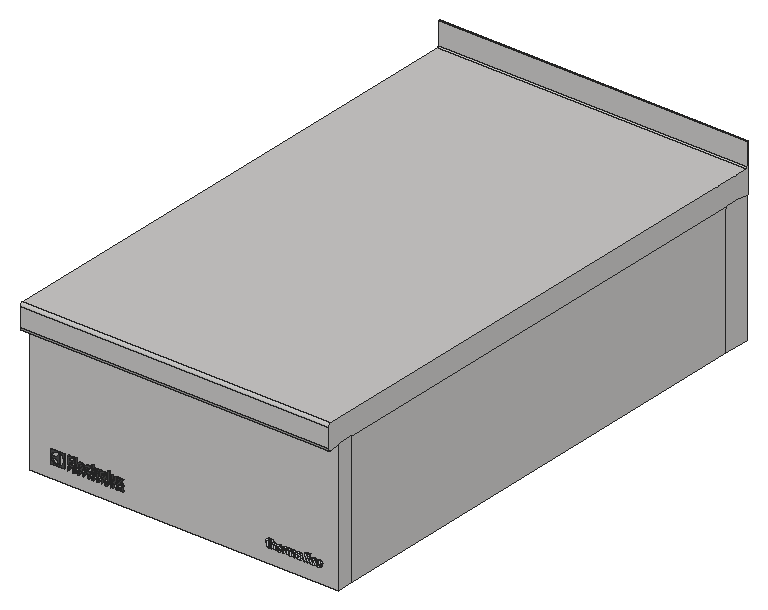
Revit family "QF_ELECTROLUXPROFESSIONAL_588564_MBNABBEOOO", category Attrezzature speciali, Revit 2020
Family settings
  Quota connettore circolare = Usa diametro
  Tipo di parte = Normale
  Basato su piano di lavoro = No
  Sempre verticale = Sì
  Taglio con vuoti quando caricato = No
  Condiviso = No
  Punto di calcolo locali = No
Parameters (values of type "Standard")
  Weight = 18.00 kg
  Watts = 0 W
  Volts = 0 V
  URL Manufacturer = "https://www.electroluxprofessional.com/"
  URL = "https://www.electroluxprofessional.com/"
  Steam Supply Size = 0"
  Steam Supply Minimum Pressure = 0.00 psi
  Steam Supply Maximum Pressure = 0.00 psi
  Steam Consumption per Hour = 0
  Refrigeration Suction Line Size = 0 mm
  Refrigeration Liquid Line Size = 0 mm
  Refrigerant Compressor Remote = yes
  Prospetto di default = 0 mm
  Phase = 0
  Modello = "MBNABBEOOO"
  Produttore = "Electrolux Professional"
  Length Actual = 500 mm  # constant formula
  Item Number = "588564"
  Hot Water Size = 0"
  Height Actual = 250 mm  # constant formula
  HP = "0 HP"
  Gas Size = 0"
  Gas KW = 0
  Gas Input Pressure = 0.0 Btu/h
  Direct Waste Size = 0"
  Descrizione = "WORK TOP,CLOSED,1-S,BACKSPL,500X850X250H"
  Depth Actual = 850 mm  # constant formula
  Cycle = 0 Hz
  Condensate Return Size = 0"
  Compressed Air Volume = 0 GPM
  Compressed Air Size = 0"
  Compressed Air Pressure = 0.00 psi
  Cold Water Size = 0"
  Accessory = yes
Reference planes
  plane 1 "BACK": y = 0
  plane 2: z = 0
  plane 3 "LEFT": x = 0
  plane 4 "RIGHT": x = 500
  plane 5 "FRONT": y = -850
  plane 6 "PLAIN": z = 900
  plane 7 "Center (Left/Right)": x = 250
  plane 8 "Center (Front/Back)": y = -425
  plane 9 "Grill": z = 888
  plane 10 "BASE": z = 650
  plane 11 "TOP": z = 938
  plane 12: x = 385
  plane 13: x = 35
Forms (mm)
  Extrusion 1, solid, material "QF_Finishes_Stainless Steel"
    sketch origin (0, 0, 650) x (0, 1, 0) y (0, 0, 1)
      loop
        line (0, 288) -> (-2, 288) -> (-2, 252)
        arc (-2, 252) -> (-2.586, 250.586) -> (-4, 250) r 2
        line (-4, 250) -> (-845, 250)
        arc (-845, 250) -> (-848.536, 248.536) -> (-850, 245) r 5
        line (-850, 245) -> (-850, 214)
        arc (-850, 214) -> (-848.571, 210.936) -> (-845.305, 210.061) r 4
        line (-845.305, 210.061) -> (-830, 212.969) -> (-20, 212.969) -> (-4.695, 210.061)
        arc (-4.695, 210.061) -> (-1.429, 210.936) -> (0, 214) r 4
        line (0, 214) -> (0, 288)
    from 0 to 500
  Extrusion 2, solid, material "QF_Finishes_Stainless Steel"
    sketch origin (250, 296.4, 1869.2) x (0, 1, 0) y (0, 0, 1)
      loop
        line (-299.4, -1009.461) -> (-316.4, -1006.231) -> (-341.4, -1006.231) -> (-341.4, -1219.2) -> (-299.4, -1219.2) -> (-299.4, -1009.461)
    from -250 to 250
  Extrusion 3, solid, material "QF_Finishes_Stainless Steel"
    sketch origin (0, 0, 650) x (0, 1, 0) y (0, 0, 1)
      loop
        line (-45, 212.969) -> (-805, 212.969) -> (-805, 0) -> (-45, 0) -> (-45, 212.969)
    from 0 to 500
  Extrusion 4, solid, material "QF_Finishes_Stainless Steel"
    sketch origin (0, 0, 0) x (0, 1, 0) y (0, 0, 1)
      loop
        line (-805, 862.969) -> (-830, 862.969) -> (-830, 650) -> (-805, 650) -> (-805, 862.969)
    from 0 to 500
Lines and regions (mm)
  symbolic lines
    curve 1: line (0, -850, 0) -> (0, 0, 0)
    curve 2: line (0, -850, 888) -> (500, -850, 888)
    curve 3: line (500, 0, 888) -> (0, 0, 888)
    curve 4: line (500, -850, 888) -> (500, 0, 888)
    curve 5: line (500, -2, 888) -> (0, -2, 888)
Dimensions and locks
  plane 3 "LEFT" to plane 4 "RIGHT" = 500 mm
  plane 5 "FRONT" to plane 1 "BACK" = 850 mm
  equal spacing: plane 3 "LEFT", plane 7 "Center (Left/Right)", plane 4 "RIGHT"
  equal spacing: plane 5 "FRONT", plane 8 "Center (Front/Back)", plane 1 "BACK"
  locked: plane 6 "PLAIN" to level at 900
  plane 6 "PLAIN" to plane 10 "BASE" = 250 mm
  plane 11 "TOP" to plane 6 "PLAIN" = 38 mm
  locked: plane 12 to plane 4 "RIGHT" at 115
  plane 13 to plane 3 "LEFT" = 35 mm
  aligned and locked: level to plane 2
  aligned and locked: Extrusion 4 to plane 3 "LEFT"
  aligned and locked: Extrusion 4 to plane 4 "RIGHT"
  aligned and locked: plane 3 "LEFT" to Extrusion 2
  aligned and locked: Extrusion 2 to plane 4 "RIGHT"
  aligned and locked: Extrusion 3 to plane 4 "RIGHT"
  aligned and locked: Extrusion 3 to plane 3 "LEFT"
  aligned and locked: Extrusion 1 to plane 3 "LEFT"
  aligned and locked: Extrusion 1 to plane 4 "RIGHT"
  aligned and locked: nested 1 to plane 12
Automatic sketch dimensions
  plane 1 "BACK" to curve 1 = 0 mm
  curve 1 to plane 3 "LEFT" = 0 mm
  plane 5 "FRONT" to curve 1 = 0 mm
  Extrusion 1 sketch curve to plane 5 "FRONT" = 0 mm
  Extrusion 1 sketch curve to plane 6 "PLAIN" = 0 mm
  Extrusion 1 sketch curve to plane 11 "TOP" = 0 mm
  Extrusion 1 sketch curve to plane 1 "BACK" = 0 mm
  Extrusion 1 sketch curve to Extrusion 1 sketch curve = 4 mm
  Extrusion 1 sketch curve to Extrusion 1 sketch curve = 0.695 mm
  Extrusion 1 sketch curve to Extrusion 1 sketch curve = 5 mm
  Extrusion 1 sketch curve to Extrusion 1 sketch curve = 15.305 mm
  plane 1 "BACK" to Extrusion 1 sketch curve = 20 mm
  plane 1 "BACK" to Extrusion 1 sketch curve = 4.695 mm
  plane 1 "BACK" to Extrusion 1 sketch curve = 4 mm  (x2)
  plane 1 "BACK" to Extrusion 1 sketch curve = 2 mm
  Extrusion 1 sketch curve to plane 9 "Grill" = 24 mm  (x2)
  Extrusion 1 sketch curve to Extrusion 1 sketch curve = 2.909 mm
  Extrusion 2 sketch curve to plane 10 "BASE" = 0 mm
  plane 1 "BACK" to Extrusion 2 sketch curve = 45 mm
  plane 1 "BACK" to Extrusion 2 sketch curve = 20 mm
  plane 1 "BACK" to Extrusion 2 sketch curve = 3 mm
  Extrusion 2 sketch curve to plane 9 "Grill" = 28.261 mm
  Extrusion 2 sketch curve to plane 9 "Grill" = 25.031 mm
  Extrusion 3 sketch curve to plane 10 "BASE" = 0 mm
  Extrusion 3 sketch curve to plane 5 "FRONT" = 45 mm
  plane 1 "BACK" to Extrusion 3 sketch curve = 45 mm
  Extrusion 3 sketch curve to plane 9 "Grill" = 25.031 mm
  curve 2 to plane 4 "RIGHT" = 0 mm
  plane 5 "FRONT" to curve 2 = 0 mm
  curve 5 to plane 3 "LEFT" = 0 mm
  plane 1 "BACK" to curve 4 = 0 mm
  curve 3 to plane 3 "LEFT" = 0 mm
  curve 2 to plane 3 "LEFT" = 0 mm
  curve 5 to curve 3 = 2 mm
  Extrusion 4 sketch curve to plane 10 "BASE" = 0 mm
  Extrusion 4 sketch curve to plane 5 "FRONT" = 20 mm
  Extrusion 4 sketch curve to Extrusion 4 sketch curve = 25 mm
  Extrusion 4 sketch curve to plane 9 "Grill" = 25.031 mm
Nested families
  nested 1: "ELX_ThermaLine_Small" at (424.867, -830, 680) x (1, 0, 0) z (0, -1, 0), type "ELX_ThermaLine_Small"
    with Show Logo yes, Material_Logo QF_Finishes_Black
  nested 2: "ELX_Professional_Logo_Small" at (94.486, -830, 682.232) x (1, 0, 0) z (0, -1, 0), type "ELX_Professional_Logo_Small"
    with Show Logo yes, Material_Logo QF_Finishes_Black
Definition of nested family "ELX_ThermaLine_Small"
  Parameters
    Show Logo [instance] = yes
    Material_Logo [instance] = none
    Default Elevation = 0 mm
  Reference planes
    plane 1 "Centro (Fronte/Retro)": y = 0
    plane 2: z = 0
    plane 3 "Centro (Sinistra/Destra)": x = 0
  Forms (mm)
    Extrusion 1, solid
      sketch origin (0, 0, 0) x (1, 0, 0) y (0, 1, 0)
        loop
          line (-1219.2, 1219.2) -> (-1219.2, -1219.2) -> (1219.2, -1219.2) -> (1219.2, 1219.2) -> (-1219.2, 1219.2)
      from 0 to -304.8
    Extrusion 2, solid
      sketch origin (0, 0, 0) x (1, 0, 0) y (0, 1, 0)
        loop
          line (-37.494, 1.229) -> (-35.908, 1.229) -> (-35.908, 3.066) -> (-37.494, 3.066) -> (-37.494, 6.221) -> (-39.867, 4.881) -> (-39.867, 3.066) -> (-40.969, 3.066) -> (-40.969, 1.229) -> (-39.867, 1.229) -> (-39.867, -3.407)
          arc (-39.867, -3.407) -> (-38.982, -5.513) -> (-36.751, -6.001) r 2.478
          line (-36.751, -6.001) -> (-35.638, -5.7) -> (-35.9, -3.835) -> (-36.661, -4.039)
          arc (-36.661, -4.039) -> (-37.236, -3.924) -> (-37.494, -3.399) r 0.662
          line (-37.494, -3.399) -> (-37.494, 1.229)
        loop
          line (-34.242, 6.539) -> (-34.242, -5.848) -> (-31.854, -5.848) -> (-31.854, -0.078)
          arc (-31.854, -0.078) -> (-30.939, 1.249) -> (-29.33, 1.367) r 1.866
          arc (-29.33, 1.367) -> (-28.695, 0.768) -> (-28.461, -0.073) r 1.627
          line (-28.461, -0.073) -> (-28.461, -5.848) -> (-26.086, -5.848) -> (-26.064, -0.46)
          arc (-26.064, -0.46) -> (-26.261, 0.932) -> (-26.786, 2.237) r 5.825
          arc (-26.786, 2.237) -> (-29.381, 3.264) -> (-31.854, 1.971) r 3.353
          line (-31.854, 1.971) -> (-31.854, 6.539) -> (-34.242, 6.539)
        loop
          arc (-18.398, -0.598) -> (-18.893, 0.879) -> (-20.326, 1.487) r 1.897
          arc (-20.326, 1.487) -> (-21.461, 0.708) -> (-21.897, -0.598) r 2.164
          line (-21.897, -0.598) -> (-18.398, -0.598)
        loop
          arc (-16.021, -2.044) -> (-16.754, 1.227) -> (-19.444, 3.226) r 4.814
          arc (-19.444, 3.226) -> (-22.137, 2.788) -> (-23.943, 0.743) r 4.054
          arc (-23.943, 0.743) -> (-24.382, -1.249) -> (-24.162, -3.276) r 6.289
          arc (-24.162, -3.276) -> (-23.302, -4.71) -> (-21.958, -5.705) r 4.28
          arc (-21.958, -5.705) -> (-18.558, -5.814) -> (-16.152, -3.409) r 4.28
          line (-16.152, -3.409) -> (-18.5, -2.995)
          arc (-18.5, -2.995) -> (-19.273, -3.994) -> (-20.533, -4.076) r 1.536
          arc (-20.533, -4.076) -> (-21.56, -3.281) -> (-21.958, -2.044) r 2.197
          line (-21.958, -2.044) -> (-16.021, -2.044)
        loop
          line (-14.165, -5.848) -> (-11.819, -5.848) -> (-11.819, -2.138)
          arc (-11.819, -2.138) -> (-11.787, -1.156) -> (-11.637, -0.185) r 8.18
          arc (-11.637, -0.185) -> (-10.644, 0.972) -> (-9.132, 0.776) r 1.603
          line (-9.132, 0.776) -> (-8.419, 2.846)
          arc (-8.419, 2.846) -> (-10.432, 3.118) -> (-11.994, 1.821) r 2.527
          line (-11.994, 1.821) -> (-11.994, 3.094) -> (-14.165, 3.094) -> (-14.165, -5.848)
        loop
          line (-7.579, 3.094) -> (-7.579, -5.848) -> (-5.178, -5.848) -> (-5.178, -0.756)
          arc (-5.178, -0.756) -> (-4.727, 0.679) -> (-3.417, 1.419) r 2.05
          arc (-3.417, 1.419) -> (-2.499, 0.908) -> (-2.155, -0.085) r 1.471
          line (-2.155, -0.085) -> (-2.155, -5.848) -> (0.23, -5.848) -> (0.23, -1.001)
          arc (0.23, -1.001) -> (0.47, 0.127) -> (1.148, 1.061) r 2.775
          arc (1.148, 1.061) -> (2.225, 1.329) -> (3.05, 0.587) r 1.182
          arc (3.05, 0.587) -> (3.199, -0.019) -> (3.214, -0.642) r 2.894
          line (3.214, -0.642) -> (3.214, -5.848) -> (5.601, -5.848) -> (5.601, 0.261)
          arc (5.601, 0.261) -> (4.87, 2.263) -> (2.976, 3.241) r 2.932
          arc (2.976, 3.241) -> (1.284, 2.973) -> (-0.047, 1.896) r 3.309
          arc (-0.047, 1.896) -> (-1.116, 2.865) -> (-2.506, 3.258) r 3.16
          arc (-2.506, 3.258) -> (-4.105, 2.942) -> (-5.376, 1.92) r 3.419
          line (-5.376, 1.92) -> (-5.376, 3.094) -> (-7.579, 3.094)
        loop
          line (7.583, 0.738) -> (9.702, 0.364)
          arc (9.702, 0.364) -> (11.441, 1.492) -> (12.855, -0.023) r 1.613
          line (12.855, -0.023) -> (9.782, -0.789)
          arc (9.782, -0.789) -> (8.559, -1.346) -> (7.617, -2.305) r 3.687
          arc (7.617, -2.305) -> (7.499, -3.681) -> (7.901, -5.003) r 3.651
          arc (7.901, -5.003) -> (9.107, -5.766) -> (10.515, -6.006) r 3.635
          arc (10.515, -6.006) -> (11.898, -5.697) -> (13.067, -4.895) r 3.734
          line (13.067, -4.895) -> (13.376, -5.848) -> (15.75, -5.848) -> (15.212, -4.193) -> (15.212, 0.38)
          arc (15.212, 0.38) -> (14.897, 1.849) -> (13.818, 2.895) r 2.585
          arc (13.818, 2.895) -> (11.792, 3.442) -> (9.719, 3.11) r 5.005
          arc (9.719, 3.11) -> (8.369, 2.178) -> (7.583, 0.738) r 3.54
        loop
          line (19.723, -5.848) -> (22.233, -5.848) -> (24.854, 6.484) -> (22.345, 6.484) -> (19.723, -5.848)
        loop
          line (24.583, -5.848) -> (26.953, -5.848) -> (28.848, 3.066) -> (26.478, 3.066) -> (24.583, -5.848)
        loop
          line (27.204, 6.484) -> (26.741, 4.305) -> (29.111, 4.305) -> (29.575, 6.484) -> (27.204, 6.484)
        loop
          line (29.355, -5.848) -> (31.849, -5.848) -> (33.098, 0.028)
          arc (33.098, 0.028) -> (34.169, 1.306) -> (35.832, 1.422) r 2.132
          arc (35.832, 1.422) -> (36.324, 0.752) -> (36.383, -0.078) r 1.5
          line (36.383, -0.078) -> (35.157, -5.848) -> (37.536, -5.848) -> (38.936, 0.738)
          arc (38.936, 0.738) -> (38.775, 2.091) -> (37.825, 3.066) r 2.118
          arc (37.825, 3.066) -> (35.392, 3.175) -> (33.295, 1.937) r 4.271
          line (33.295, 1.937) -> (33.535, 3.066) -> (31.25, 3.066) -> (29.355, -5.848)
        loop
          line (42.792, -0.64) -> (46.589, -0.64)
          arc (46.589, -0.64) -> (46.639, 0.124) -> (46.327, 0.823) r 1.589
          arc (46.327, 0.823) -> (45.117, 1.521) -> (43.762, 1.183) r 1.865
          arc (43.762, 1.183) -> (43.141, 0.344) -> (42.792, -0.64) r 3.538
        loop
          line (42.565, -2.138) -> (48.593, -2.138)
          arc (48.593, -2.138) -> (48.58, 0.597) -> (46.983, 2.818) r 4.494
          arc (46.983, 2.818) -> (44.191, 3.28) -> (41.725, 1.891) r 4.26
          arc (41.725, 1.891) -> (40.503, -0.3) -> (40.284, -2.799) r 6.003
          arc (40.284, -2.799) -> (40.959, -4.468) -> (42.377, -5.576) r 3.482
          arc (42.377, -5.576) -> (44.265, -5.961) -> (46.152, -5.576) r 4.823
          arc (46.152, -5.576) -> (47.432, -4.731) -> (48.328, -3.485) r 4.245
          line (48.328, -3.485) -> (46.168, -3.105)
          arc (46.168, -3.105) -> (45.214, -4.072) -> (43.859, -4.181) r 1.953
          arc (43.859, -4.181) -> (42.821, -3.408) -> (42.565, -2.138) r 1.81
        loop
          line (12.868, -1.553) -> (10.216, -2.214)
          arc (10.216, -2.214) -> (9.747, -3.136) -> (10.216, -4.058) r 1.14
          arc (10.216, -4.058) -> (11.537, -4.249) -> (12.614, -3.46) r 1.763
          arc (12.614, -3.46) -> (12.858, -2.522) -> (12.868, -1.553) r 3.97
      from 0 to 1.6
  Dimensions and locks
    aligned and locked: plane 2 to Extrusion 1
    aligned and locked: level to Extrusion 1
Definition of nested family "ELX_Professional_Logo_Small"
  Parameters
    Show Logo [instance] = yes
    Material_Logo [instance] = none
    Default Elevation = 0 mm
  Reference planes
    plane 1 "Centro (Fronte/Retro)": y = 0
    plane 2: z = 0
    plane 3 "Centro (Sinistra/Destra)": x = 0
  Forms (mm)
    Extrusion 1, solid
      sketch origin (0, 0, 0) x (1, 0, 0) y (0, 1, 0)
        loop
          line (-1219.2, 1219.2) -> (-1219.2, -1219.2) -> (1219.2, -1219.2) -> (1219.2, 1219.2) -> (-1219.2, 1219.2)
      from 0 to -304.8
    Extrusion 2, solid, material <- "Material_Logo"
      sketch origin (15.5, 0, 0) x (1, 0, 0) y (0, 1, 0)
        loop
          spline (-42.99, -1.24) -> (-43.195, -1.231) -> (-43.415, -1.203) -> (-43.642, -1.152) -> (-43.87, -1.074) -> (-44.095, -0.966) -> (-44.309, -0.825) -> (-44.506, -0.647) -> (-44.681, -0.429) -> (-44.828, -0.167) -> (-44.94, 0.142) -> (-45.011, 0.501) -> (-45.037, 0.915)
          line (-45.037, 0.915) -> (-45.037, 2.748) -> (-38.984, 2.748) -> (-38.984, 5.086) -> (-45.038, 5.086) -> (-45.038, 8.489) -> (-38.599, 8.489) -> (-38.599, 10.82) -> (-47.515, 10.82) -> (-47.515, 1.021)
          spline (-47.515, 1.021) -> (-47.493, 0.418) -> (-47.425, -0.15) -> (-47.311, -0.682) -> (-47.15, -1.175) -> (-46.939, -1.628) -> (-46.678, -2.038) -> (-46.365, -2.404) -> (-46, -2.723) -> (-45.58, -2.995) -> (-45.105, -3.216) -> (-44.573, -3.385) -> (-43.983, -3.499)
          line (-43.983, -3.499) -> (-43.01, -3.569) -> (-38.426, -3.569) -> (-38.426, -1.24) -> (-42.99, -1.24)
        loop
          line (-36.666, 4.021) -> (-36.666, -3.573) -> (-34.188, -3.573) -> (-34.188, 10.824) -> (-36.666, 10.824) -> (-36.666, 4.021)
        loop
          spline (-21.915, 1.897) -> (-21.957, 2.615) -> (-22.082, 3.303) -> (-22.285, 3.955) -> (-22.563, 4.564) -> (-22.913, 5.124) -> (-23.331, 5.629) -> (-23.814, 6.074) -> (-24.359, 6.451) -> (-24.961, 6.755) -> (-25.618, 6.98) -> (-26.326, 7.119) -> (-27.081, 7.167)
          spline (-27.081, 7.167) -> (-27.853, 7.122) -> (-28.586, 6.99) -> (-29.275, 6.774) -> (-29.915, 6.478) -> (-30.5, 6.104) -> (-31.024, 5.657) -> (-31.483, 5.138) -> (-31.871, 4.553) -> (-32.182, 3.904) -> (-32.411, 3.194) -> (-32.552, 2.427) -> (-32.6, 1.606)
          spline (-32.6, 1.606) -> (-32.553, 0.805) -> (-32.416, 0.057) -> (-32.193, -0.637) -> (-31.887, -1.271) -> (-31.504, -1.843) -> (-31.048, -2.35) -> (-30.523, -2.788) -> (-29.934, -3.154) -> (-29.284, -3.444) -> (-28.579, -3.656) -> (-27.822, -3.785) -> (-27.019, -3.829)
          spline (-27.019, -3.829) -> (-26.627, -3.82) -> (-26.239, -3.79) -> (-25.856, -3.739) -> (-25.477, -3.663) -> (-25.103, -3.562) -> (-24.734, -3.432) -> (-24.369, -3.273) -> (-24.01, -3.082) -> (-23.655, -2.858) -> (-23.305, -2.597) -> (-22.96, -2.299) -> (-22.621, -1.962)
          line (-22.621, -1.962) -> (-24.114, -0.509)
          spline (-24.114, -0.509) -> (-24.311, -0.699) -> (-24.509, -0.872) -> (-24.71, -1.03) -> (-24.915, -1.172) -> (-25.126, -1.297) -> (-25.346, -1.407) -> (-25.576, -1.5) -> (-25.817, -1.576) -> (-26.072, -1.636) -> (-26.342, -1.678) -> (-26.629, -1.704) -> (-26.936, -1.713)
          spline (-26.936, -1.713) -> (-27.384, -1.691) -> (-27.805, -1.625) -> (-28.196, -1.518) -> (-28.556, -1.372) -> (-28.882, -1.187) -> (-29.174, -0.966) -> (-29.429, -0.71) -> (-29.645, -0.422) -> (-29.821, -0.102) -> (-29.955, 0.247) -> (-30.045, 0.623) -> (-30.089, 1.026)
          line (-30.089, 1.026) -> (-21.956, 1.026) -> (-21.915, 1.897)
        loop
          spline (-24.446, 2.769) -> (-24.47, 3.075) -> (-24.54, 3.37) -> (-24.654, 3.65) -> (-24.807, 3.913) -> (-24.996, 4.156) -> (-25.219, 4.376) -> (-25.472, 4.57) -> (-25.753, 4.736) -> (-26.057, 4.869) -> (-26.382, 4.968) -> (-26.724, 5.03) -> (-27.081, 5.051)
          spline (-27.081, 5.051) -> (-27.464, 5.03) -> (-27.832, 4.97) -> (-28.183, 4.872) -> (-28.513, 4.74) -> (-28.819, 4.577) -> (-29.099, 4.384) -> (-29.347, 4.165) -> (-29.563, 3.923) -> (-29.742, 3.659) -> (-29.881, 3.377) -> (-29.977, 3.079) -> (-30.027, 2.769)
          line (-30.027, 2.769) -> (-24.446, 2.769)
        loop
          spline (-18.167, 1.669) -> (-18.138, 2.13) -> (-18.055, 2.567) -> (-17.921, 2.978) -> (-17.739, 3.358) -> (-17.512, 3.705) -> (-17.243, 4.016) -> (-16.937, 4.287) -> (-16.596, 4.517) -> (-16.223, 4.7) -> (-15.823, 4.835) -> (-15.398, 4.919) -> (-14.951, 4.947)
          spline (-14.951, 4.947) -> (-14.677, 4.938) -> (-14.414, 4.913) -> (-14.162, 4.871) -> (-13.921, 4.812) -> (-13.69, 4.738) -> (-13.467, 4.649) -> (-13.254, 4.544) -> (-13.048, 4.424) -> (-12.85, 4.291) -> (-12.659, 4.143) -> (-12.474, 3.981) -> (-12.295, 3.806)
          line (-12.295, 3.806) -> (-10.76, 5.403)
          spline (-10.76, 5.403) -> (-11.065, 5.709) -> (-11.38, 5.984) -> (-11.703, 6.228) -> (-12.035, 6.443) -> (-12.375, 6.63) -> (-12.723, 6.788) -> (-13.078, 6.92) -> (-13.44, 7.026) -> (-13.809, 7.107) -> (-14.184, 7.164) -> (-14.564, 7.198) -> (-14.951, 7.209)
          spline (-14.951, 7.209) -> (-15.725, 7.161) -> (-16.467, 7.02) -> (-17.169, 6.792) -> (-17.826, 6.482) -> (-18.43, 6.096) -> (-18.976, 5.637) -> (-19.455, 5.112) -> (-19.862, 4.525) -> (-20.19, 3.882) -> (-20.433, 3.189) -> (-20.584, 2.449) -> (-20.635, 1.669)
          spline (-20.635, 1.669) -> (-20.584, 0.889) -> (-20.433, 0.149) -> (-20.19, -0.545) -> (-19.862, -1.187) -> (-19.455, -1.774) -> (-18.976, -2.299) -> (-18.43, -2.758) -> (-17.826, -3.145) -> (-17.169, -3.454) -> (-16.467, -3.682) -> (-15.725, -3.823) -> (-14.951, -3.871)
          spline (-14.951, -3.871) -> (-14.564, -3.86) -> (-14.184, -3.826) -> (-13.809, -3.77) -> (-13.44, -3.689) -> (-13.078, -3.583) -> (-12.723, -3.451) -> (-12.375, -3.292) -> (-12.035, -3.105) -> (-11.703, -2.89) -> (-11.38, -2.646) -> (-11.065, -2.371) -> (-10.76, -2.066)
          line (-10.76, -2.066) -> (-12.295, -0.468)
          spline (-12.295, -0.468) -> (-12.474, -0.643) -> (-12.659, -0.805) -> (-12.85, -0.953) -> (-13.048, -1.087) -> (-13.254, -1.206) -> (-13.467, -1.311) -> (-13.69, -1.4) -> (-13.921, -1.475) -> (-14.162, -1.533) -> (-14.414, -1.575) -> (-14.677, -1.6) -> (-14.951, -1.609)
          spline (-14.951, -1.609) -> (-15.398, -1.581) -> (-15.823, -1.497) -> (-16.223, -1.362) -> (-16.596, -1.179) -> (-16.937, -0.95) -> (-17.243, -0.678) -> (-17.512, -0.367) -> (-17.739, -0.02) -> (-17.921, 0.36) -> (-18.055, 0.771) -> (-18.138, 1.208) -> (-18.167, 1.669)
        loop
          spline (-4.441, -1.243) -> (-4.659, -1.247) -> (-4.894, -1.23) -> (-5.137, -1.19) -> (-5.384, -1.121) -> (-5.628, -1.021) -> (-5.864, -0.884) -> (-6.084, -0.708) -> (-6.283, -0.488) -> (-6.454, -0.219) -> (-6.592, 0.101) -> (-6.69, 0.478) -> (-6.742, 0.914)
          line (-6.742, 0.914) -> (-6.742, 4.587) -> (-4.487, 4.587) -> (-4.487, 6.838) -> (-6.738, 6.838) -> (-6.738, 10.824) -> (-9.217, 10.824) -> (-9.217, 0.773)
          spline (-9.217, 0.773) -> (-9.164, 0.19) -> (-9.068, -0.358) -> (-8.928, -0.87) -> (-8.742, -1.343) -> (-8.511, -1.777) -> (-8.232, -2.168) -> (-7.904, -2.515) -> (-7.527, -2.816) -> (-7.098, -3.069) -> (-6.618, -3.273) -> (-6.084, -3.426) -> (-5.496, -3.525)
          line (-5.496, -3.525) -> (-4.45, -3.573) -> (-4.441, -1.243)
        loop
          spline (3.898, 6.983) -> (3.469, 7.009) -> (3.056, 7.001) -> (2.661, 6.961) -> (2.283, 6.888) -> (1.925, 6.785) -> (1.588, 6.652) -> (1.272, 6.49) -> (0.979, 6.301) -> (0.71, 6.085) -> (0.465, 5.844) -> (0.247, 5.578) -> (0.056, 5.289)
          line (0.056, 5.289) -> (0.056, 6.838) -> (-2.402, 6.838) -> (-2.402, -3.572) -> (0.056, -3.572) -> (0.056, 1.901)
          spline (0.056, 1.901) -> (0.079, 2.316) -> (0.145, 2.703) -> (0.254, 3.06) -> (0.404, 3.386) -> (0.592, 3.679) -> (0.818, 3.938) -> (1.08, 4.162) -> (1.375, 4.348) -> (1.703, 4.495) -> (2.062, 4.602) -> (2.45, 4.668) -> (2.865, 4.69)
          line (2.865, 4.69) -> (3.898, 4.586) -> (3.898, 6.983)
        loop
          spline (15.638, 1.633) -> (15.586, 2.396) -> (15.435, 3.124) -> (15.192, 3.81) -> (14.863, 4.449) -> (14.455, 5.034) -> (13.975, 5.56) -> (13.43, 6.021) -> (12.826, 6.411) -> (12.17, 6.724) -> (11.469, 6.955) -> (10.729, 7.098) -> (9.958, 7.147)
          spline (9.958, 7.147) -> (9.182, 7.098) -> (8.44, 6.955) -> (7.737, 6.724) -> (7.081, 6.411) -> (6.477, 6.021) -> (5.933, 5.56) -> (5.454, 5.034) -> (5.048, 4.449) -> (4.721, 3.81) -> (4.479, 3.124) -> (4.329, 2.396) -> (4.277, 1.633)
          spline (4.277, 1.633) -> (4.329, 0.869) -> (4.479, 0.141) -> (4.721, -0.544) -> (5.048, -1.183) -> (5.454, -1.768) -> (5.933, -2.294) -> (6.477, -2.755) -> (7.081, -3.145) -> (7.737, -3.459) -> (8.44, -3.69) -> (9.182, -3.833) -> (9.958, -3.882)
          spline (9.958, -3.882) -> (10.729, -3.833) -> (11.469, -3.69) -> (12.17, -3.459) -> (12.826, -3.145) -> (13.43, -2.755) -> (13.975, -2.294) -> (14.455, -1.768) -> (14.863, -1.183) -> (15.192, -0.544) -> (15.435, 0.141) -> (15.586, 0.869) -> (15.638, 1.633)
        loop
          spline (13.18, 1.633) -> (13.151, 2.083) -> (13.067, 2.513) -> (12.932, 2.918) -> (12.748, 3.296) -> (12.52, 3.642) -> (12.251, 3.954) -> (11.943, 4.227) -> (11.601, 4.459) -> (11.228, 4.645) -> (10.828, 4.782) -> (10.403, 4.867) -> (9.958, 4.896)
          spline (9.958, 4.896) -> (9.509, 4.867) -> (9.081, 4.782) -> (8.679, 4.645) -> (8.306, 4.459) -> (7.964, 4.227) -> (7.658, 3.954) -> (7.39, 3.642) -> (7.163, 3.296) -> (6.981, 2.918) -> (6.847, 2.513) -> (6.765, 2.083) -> (6.736, 1.633)
          spline (6.736, 1.633) -> (6.765, 1.182) -> (6.847, 0.753) -> (6.981, 0.347) -> (7.163, -0.031) -> (7.39, -0.377) -> (7.658, -0.689) -> (7.964, -0.962) -> (8.306, -1.193) -> (8.679, -1.38) -> (9.081, -1.517) -> (9.509, -1.602) -> (9.958, -1.631)
          spline (9.958, -1.631) -> (10.403, -1.602) -> (10.828, -1.517) -> (11.228, -1.38) -> (11.601, -1.193) -> (11.943, -0.962) -> (12.251, -0.689) -> (12.52, -0.377) -> (12.748, -0.031) -> (12.932, 0.347) -> (13.067, 0.753) -> (13.151, 1.182) -> (13.18, 1.633)
        loop
          line (17.162, 4.269) -> (17.162, -3.573) -> (19.642, -3.573) -> (19.642, 10.824) -> (17.162, 10.824) -> (17.162, 4.269)
        loop
          line (28.581, 6.838) -> (28.581, 0.786)
          spline (28.581, 0.786) -> (28.561, 0.393) -> (28.503, 0.038) -> (28.409, -0.279) -> (28.281, -0.559) -> (28.122, -0.802) -> (27.933, -1.011) -> (27.717, -1.185) -> (27.476, -1.325) -> (27.213, -1.433) -> (26.929, -1.509) -> (26.626, -1.554) -> (26.308, -1.569)
          spline (26.308, -1.569) -> (25.99, -1.554) -> (25.688, -1.509) -> (25.404, -1.434) -> (25.141, -1.326) -> (24.9, -1.187) -> (24.684, -1.014) -> (24.496, -0.807) -> (24.336, -0.565) -> (24.209, -0.288) -> (24.115, 0.026) -> (24.057, 0.376) -> (24.037, 0.765)
          line (24.037, 0.765) -> (24.037, 6.838) -> (21.537, 6.838) -> (21.537, 0.558)
          spline (21.537, 0.558) -> (21.581, -0.153) -> (21.71, -0.8) -> (21.916, -1.384) -> (22.195, -1.904) -> (22.54, -2.362) -> (22.944, -2.757) -> (23.403, -3.09) -> (23.909, -3.362) -> (24.456, -3.572) -> (25.04, -3.722) -> (25.652, -3.811) -> (26.288, -3.841)
          spline (26.288, -3.841) -> (26.929, -3.811) -> (27.547, -3.72) -> (28.135, -3.568) -> (28.687, -3.355) -> (29.197, -3.079) -> (29.66, -2.741) -> (30.068, -2.341) -> (30.415, -1.877) -> (30.696, -1.349) -> (30.905, -0.757) -> (31.034, -0.101) -> (31.079, 0.621)
          line (31.079, 0.621) -> (31.079, 6.838) -> (28.581, 6.838)
        loop
          line (40.457, -0.243) -> (38.894, 1.942) -> (40.83, 4.579) -> (42.488, 6.837) -> (39.782, 6.837) -> (37.53, 3.719) -> (35.258, 6.837) -> (32.573, 6.837) -> (34.113, 4.731) -> (36.167, 1.922) -> (34.014, -1.076) -> (32.222, -3.573) -> (34.887, -3.573) -> (37.53, 0.104) -> (40.174, -3.573) -> (42.839, -3.573) -> (40.457, -0.243)
        loop
          line (-46.121, -5.837) -> (-48.039, -5.837) -> (-48.039, -10.814) -> (-47.016, -10.814) -> (-47.016, -9.128) -> (-46.121, -9.128)
          arc (-46.121, -9.128) -> (-44.476, -7.482) -> (-46.121, -5.837) r 1.645
        loop
          line (-46.163, -6.778) -> (-47.016, -6.778) -> (-47.016, -8.187) -> (-46.163, -8.187)
          arc (-46.163, -8.187) -> (-45.458, -7.482) -> (-46.163, -6.778) r 0.704
        loop
          line (-38.313, -5.837) -> (-40.265, -5.837) -> (-40.265, -10.814) -> (-39.241, -10.814) -> (-39.241, -9.1) -> (-38.46, -9.182) -> (-37.48, -10.814) -> (-36.318, -10.814) -> (-37.513, -8.848)
          arc (-37.513, -8.848) -> (-36.888, -8.266) -> (-36.671, -7.441) r 1.536
          arc (-36.671, -7.441) -> (-37.165, -6.305) -> (-38.313, -5.837) r 1.643
        loop
          arc (-38.402, -8.166) -> (-37.707, -7.505) -> (-38.334, -6.778) r 0.696
          line (-38.334, -6.778) -> (-39.241, -6.778) -> (-39.241, -8.166) -> (-38.402, -8.166)
        loop
          circle (-29.965, -8.325) r 2.585
        loop
          circle (-29.965, -8.325) r 1.64
        loop
          line (-23.1, -5.837) -> (-23.1, -10.814) -> (-22.076, -10.814) -> (-22.076, -8.768) -> (-20.204, -8.768) -> (-20.204, -7.828) -> (-22.076, -7.828) -> (-22.076, -6.778) -> (-20.024, -6.778) -> (-20.024, -5.837) -> (-23.1, -5.837)
        loop
          line (-15.802, -5.837) -> (-15.802, -9.2)
          arc (-15.802, -9.2) -> (-15.343, -10.34) -> (-14.209, -10.814) r 1.593
          line (-14.209, -10.814) -> (-12.602, -10.814) -> (-12.602, -10.027) -> (-14.004, -10.027)
          arc (-14.004, -10.027) -> (-14.552, -9.8) -> (-14.779, -9.252) r 0.775
          line (-14.779, -9.252) -> (-14.779, -8.424) -> (-12.789, -8.424) -> (-12.789, -7.642) -> (-14.779, -7.642) -> (-14.779, -6.778) -> (-12.651, -6.778) -> (-12.651, -5.837) -> (-15.802, -5.837)
        loop
          line (-5.909, -7.143) -> (-5.173, -6.638)
          arc (-5.173, -6.638) -> (-5.855, -5.974) -> (-6.781, -5.755) r 1.782
          arc (-6.781, -5.755) -> (-7.397, -5.878) -> (-7.944, -6.189) r 1.974
          arc (-7.944, -6.189) -> (-8.202, -6.5) -> (-8.317, -6.888) r 1.013
          arc (-8.317, -6.888) -> (-8.306, -7.341) -> (-8.192, -7.78) r 1.985
          arc (-8.192, -7.78) -> (-7.749, -8.259) -> (-7.171, -8.563) r 1.928
          arc (-7.171, -8.563) -> (-6.637, -8.779) -> (-6.131, -9.056) r 5.041
          arc (-6.131, -9.056) -> (-5.934, -9.387) -> (-6.09, -9.74) r 0.42
          arc (-6.09, -9.74) -> (-6.631, -9.96) -> (-7.204, -9.845) r 1.016
          arc (-7.204, -9.845) -> (-7.625, -9.603) -> (-7.889, -9.196) r 1.033
          line (-7.889, -9.196) -> (-8.67, -9.686)
          arc (-8.67, -9.686) -> (-8.361, -10.198) -> (-7.908, -10.589) r 1.914
          arc (-7.908, -10.589) -> (-7.334, -10.834) -> (-6.714, -10.896) r 2.063
          arc (-6.714, -10.896) -> (-5.947, -10.743) -> (-5.256, -10.376) r 2.696
          arc (-5.256, -10.376) -> (-4.95, -9.565) -> (-5.108, -8.712) r 1.618
          arc (-5.108, -8.712) -> (-5.448, -8.319) -> (-5.884, -8.035) r 1.876
          arc (-5.884, -8.035) -> (-6.434, -7.789) -> (-6.999, -7.577) r 9.883
          arc (-6.999, -7.577) -> (-7.325, -7.07) -> (-6.854, -6.694) r 0.45
          arc (-6.854, -6.694) -> (-6.329, -6.809) -> (-5.909, -7.143) r 1.197
        loop
          line (1.61, -7.143) -> (2.345, -6.638)
          arc (2.345, -6.638) -> (1.663, -5.974) -> (0.737, -5.755) r 1.782
          arc (0.737, -5.755) -> (0.121, -5.878) -> (-0.425, -6.189) r 1.974
          arc (-0.425, -6.189) -> (-0.683, -6.5) -> (-0.799, -6.888) r 1.013
          arc (-0.799, -6.888) -> (-0.788, -7.341) -> (-0.674, -7.78) r 1.985
          arc (-0.674, -7.78) -> (-0.231, -8.259) -> (0.347, -8.563) r 1.928
          arc (0.347, -8.563) -> (0.881, -8.779) -> (1.387, -9.056) r 5.041
          arc (1.387, -9.056) -> (1.584, -9.387) -> (1.428, -9.74) r 0.42
          arc (1.428, -9.74) -> (0.887, -9.96) -> (0.314, -9.845) r 1.016
          arc (0.314, -9.845) -> (-0.107, -9.603) -> (-0.371, -9.196) r 1.033
          line (-0.371, -9.196) -> (-1.152, -9.686)
          arc (-1.152, -9.686) -> (-0.842, -10.198) -> (-0.39, -10.589) r 1.914
          arc (-0.39, -10.589) -> (0.184, -10.834) -> (0.804, -10.896) r 2.063
          arc (0.804, -10.896) -> (1.572, -10.743) -> (2.263, -10.376) r 2.696
          arc (2.263, -10.376) -> (2.568, -9.565) -> (2.411, -8.712) r 1.618
          arc (2.411, -8.712) -> (2.07, -8.319) -> (1.635, -8.035) r 1.876
          arc (1.635, -8.035) -> (1.084, -7.789) -> (0.519, -7.577) r 9.883
          arc (0.519, -7.577) -> (0.193, -7.07) -> (0.665, -6.694) r 0.45
          arc (0.665, -6.694) -> (1.189, -6.809) -> (1.61, -7.143) r 1.197
        loop
          line (6.801, -5.837) -> (6.801, -10.814) -> (7.825, -10.814) -> (7.825, -5.837) -> (6.801, -5.837)
        loop
          circle (14.724, -8.325) r 1.548
        loop
          circle (14.724, -8.325) r 2.585
        loop
          line (21.59, -10.814) -> (22.623, -10.814) -> (22.623, -7.685) -> (24.9, -10.814) -> (25.895, -10.814) -> (25.895, -5.837) -> (24.861, -5.837) -> (24.861, -9.061) -> (22.585, -5.837) -> (21.59, -5.837) -> (21.59, -10.814)
        loop
          line (31.054, -10.814) -> (31.539, -9.74) -> (33.38, -9.74) -> (33.865, -10.814) -> (34.965, -10.814) -> (32.46, -5.837) -> (29.956, -10.814) -> (31.054, -10.814)
        loop
          line (32.46, -7.698) -> (31.999, -8.719) -> (32.921, -8.719) -> (32.46, -7.698)
        loop
          line (40.047, -9.873) -> (40.047, -5.837) -> (39.024, -5.837) -> (39.024, -10.814) -> (41.961, -10.814) -> (41.961, -9.873) -> (40.047, -9.873)
        loop
          line (-74.986, -10.814) -> (-53.322, -10.814) -> (-53.322, 10.82) -> (-74.986, 10.82) -> (-74.986, -10.814)
        loop
          line (-61.261, 9.758) -> (-61.261, -9.707)
          arc (-61.261, -9.707) -> (-54.066, 0.025) -> (-61.261, 9.758) r 10.18
        loop
          line (-62.251, 8.349) -> (-62.251, 9.758)
          arc (-62.251, 9.758) -> (-70.347, 7.918) -> (-74.247, 0.59) r 9.976
          line (-74.247, 0.59) -> (-71.026, 0.59)
          arc (-71.026, 0.59) -> (-65.274, 2.925) -> (-62.251, 8.349) r 9.351
        loop
          arc (-74.247, -0.539) -> (-70.353, -7.928) -> (-62.251, -9.957) r 10.237
          line (-62.251, -9.957) -> (-62.251, -8.298)
          arc (-62.251, -8.298) -> (-65.274, -2.874) -> (-71.026, -0.539) r 9.351
          line (-71.026, -0.539) -> (-74.247, -0.539)
      from 0 to 1.644
  Dimensions and locks
    aligned and locked: plane 2 to Extrusion 1
    aligned and locked: level to Extrusion 1
